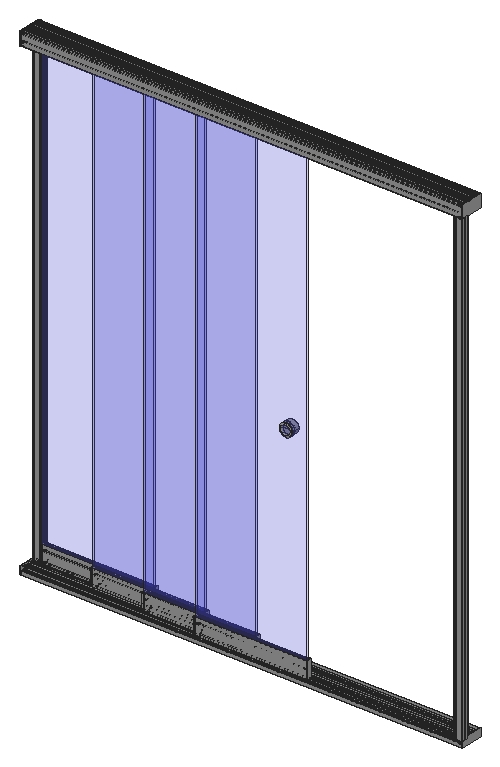
Revit family "SlideTec- 4 Panels)))", category Generic Models, Revit 2018
Family settings
  Can host rebar = No
  Round Connector Dimension = Use Diameter
  Part Type = Normal
  Work Plane-Based = No
  Always vertical = Yes
  Cut with Voids When Loaded = No
  Shared = No
  Room Calculation Point = No
Parameters
  Panel 1 [instance] = if(Sliders Retracting < 0 mm, 0 mm, if(Sliders Retracting > Panel Width - 41.5 mm, Panel Width - 41.5 mm, Sliders Retracting))  # 250 mm
  Panel Width [instance] = (Length Input - 56 mm + Gap * 3) / 4  # 517.125 mm
  Sliders Retracting [instance] = 250 mm
  Panel 3 [instance] = Panel 1 * 3  # 750 mm
  Panel 2 [instance] = Panel 1 * 2  # 500 mm
  Length Input [instance] = if(Length < 2000 mm, 2000 mm, if(Length > 5000 mm, 5000 mm, Length))  # 2000 mm
  Length [instance] = 2000 mm
  Height Input [instance] = if(Height < 1500 mm, 1500 mm, if(Height > 3000 mm, 3000 mm, Height))  # 2200 mm
  Height [instance] = 2200 mm
  Glass [instance] = Glass
  Gap [instance] = 41.5 mm  # constant formula
  Framing [instance] = Aluminium
Reference planes
  plane 1 "Center (Front/Back)": y = 0
  plane 2: z = 0
  plane 3 "Center (Left/Right)": x = 498.5
  plane 4: x = -501.5
  plane 5: x = 1498.5
  plane 6: z = 2200
  plane 7: z = 2145
  plane 8: x = -467.5
  plane 9: z = 2180
Dimensions and locks
  equal spacing: plane 4, plane 3 "Center (Left/Right)", plane 5
  locked: plane 6 to plane 7 at 55
  "Length Input": plane 4 to plane 5
  "Panel 1": plane 8 to nested 7
  "Panel 2": plane 8 to nested 8
  "Panel 3": plane 8 to nested 6
  "Height Input": plane 6 to level
  locked: plane 6 to plane 9 at 20
  aligned and locked: level to plane 2
  aligned and locked: nested 1 to plane 4
  aligned and locked: plane 6 to nested 3
  aligned and locked: plane 7 to nested 2
  aligned and locked: plane 5 to nested 4
  aligned and locked: nested 5 to plane 8
  aligned and locked: plane 4 to nested 3
  aligned and locked: plane 7 to nested 4
  aligned and locked: plane 9 to nested 5
  aligned and locked: plane 9 to nested 7
  aligned and locked: plane 9 to nested 8
  aligned and locked: plane 9 to nested 6
Nested families
  nested 1: "Base Track" at (-46.328, 0, 0), type "Base Track"
    with Length 2000 mm
  nested 2: "Side Channel" at (-501.5, 34.5, 24.002) x (0, -1, 0) z (0, 0, 1), type "Side Channel"
    with Height 2120.998 mm
  nested 3: "Head Guide" at (-117.423, 0, 2140), type "Head Guide"
    with Width 2000 mm
  nested 4: "Side Channel" at (1498.5, -34.5, 24.002) x (0, 1, 0) z (0, 0, 1), type "Side Channel"
    with Height 2120.998 mm
  nested 5: "Panel 1" at (-214.937, 34.5, 20.362), type "Panel 1"
    with Height 2159.638 mm, Width 517.125 mm
  nested 6: "Panel 1 & 2 " at (535.063, -34.483, 20.362) x (-1, 0, 0) z (0, 0, 1), type "Panel 1 & 2 "
    with Height 2159.638 mm, Handle 979.819 mm, Width 517.125 mm
  nested 7: "Panel 2" at (35.063, 11.5, 20.362), type "Panel 2"
    with Height 2159.638 mm, Width 517.125 mm
  nested 8: "Panel 2" at (285.063, -11.5, 20.362), type "Panel 2"
    with Height 2159.638 mm, Width 517.125 mm
Definition of nested family "Base Track"
  Parameters (values of type "Base Track")
    Length = 3000 mm
    Framing = none
  Reference planes
    plane 1 "Center (Front/Back)": y = 0
    plane 2: z = 0
    plane 3 "Center (Left/Right)": x = 1046.328
    plane 4: x = -452.172
    plane 5: x = 2541.828
    plane 6: x = -455.172
    plane 7: x = 2544.828
  Forms (mm)
    Extrusion 1, solid, material <- "Framing"
      sketch origin (0, 0, 0) x (0, -1, 0) y (0, 0, -1)
        loop
          arc (12.999, -17.252) -> (11.447, -15.806) -> (10.001, -17.357) r 1.5
          line (10.001, -17.357) -> (-33.001, -18.859)
          arc (-33.001, -18.859) -> (-34.553, -17.412) -> (-35.999, -18.964) r 1.5
          line (-35.999, -18.964) -> (-48.993, -19.417) -> (-48.993, -20.618) -> (-46.666, -20.537) -> (-45.793, -20.706) -> (-36.518, -20.382)
          arc (-36.518, -20.382) -> (-36.153, -20.523) -> (-36, -20.882) r 0.5
          line (-36, -20.882) -> (-36, -26.998)
          arc (-36, -26.998) -> (-36.147, -27.352) -> (-36.5, -27.498) r 0.5
          line (-36.5, -27.498) -> (-37.4, -27.498) -> (-37.4, -29.217)
          arc (-37.4, -29.217) -> (-34.5, -32.117) -> (-31.6, -29.217) r 2.9
          line (-31.6, -29.217) -> (-31.6, -27.498) -> (-32.5, -27.498)
          arc (-32.5, -27.498) -> (-32.854, -27.351) -> (-33, -26.998) r 0.5
          line (-33, -26.998) -> (-33, -20.26) -> (-13.518, -19.579)
          arc (-13.518, -19.579) -> (-13.153, -19.719) -> (-13, -20.079) r 0.5
          line (-13, -20.079) -> (-13, -26.998)
          arc (-13, -26.998) -> (-13.147, -27.352) -> (-13.5, -27.498) r 0.5
          line (-13.5, -27.498) -> (-14.4, -27.498) -> (-14.4, -29.217)
          arc (-14.4, -29.217) -> (-11.5, -32.117) -> (-8.6, -29.217) r 2.9
          line (-8.6, -29.217) -> (-8.6, -27.498) -> (-9.5, -27.498)
          arc (-9.5, -27.498) -> (-9.854, -27.351) -> (-10, -26.998) r 0.5
          line (-10, -26.998) -> (-10, -19.456) -> (9.482, -18.776)
          arc (9.482, -18.776) -> (9.847, -18.916) -> (10, -19.276) r 0.5
          line (10, -19.276) -> (10, -26.998)
          arc (10, -26.998) -> (9.853, -27.352) -> (9.5, -27.498) r 0.5
          line (9.5, -27.498) -> (8.6, -27.498) -> (8.6, -29.217)
          arc (8.6, -29.217) -> (11.5, -32.117) -> (14.4, -29.217) r 2.9
          line (14.4, -29.217) -> (14.4, -27.498) -> (13.5, -27.498)
          arc (13.5, -27.498) -> (13.146, -27.351) -> (13, -26.998) r 0.5
          line (13, -26.998) -> (13, -18.653) -> (32.482, -17.973)
          arc (32.482, -17.973) -> (32.847, -18.113) -> (33, -18.473) r 0.5
          line (33, -18.473) -> (33, -26.998)
          arc (33, -26.998) -> (32.853, -27.352) -> (32.5, -27.498) r 0.5
          line (32.5, -27.498) -> (31.6, -27.498) -> (31.6, -29.217)
          arc (31.6, -29.217) -> (34.5, -32.117) -> (37.4, -29.217) r 2.9
          line (37.4, -29.217) -> (37.4, -27.498) -> (36.5, -27.498)
          arc (36.5, -27.498) -> (36.146, -27.351) -> (36, -26.998) r 0.5
          line (36, -26.998) -> (36, -17.85) -> (45.56, -17.516)
          arc (45.56, -17.516) -> (45.908, -17.358) -> (46.042, -16.999) r 0.5
          line (46.042, -16.999) -> (46.042, -16.099) -> (12.999, -17.252)
        loop
          arc (8.437, -15.411) -> (9.346, -14.346) -> (10.6, -13.722) r 3.5
          line (10.6, -13.722) -> (10.6, -1.8) -> (-10.6, -1.8) -> (-10.6, -16.075) -> (8.437, -15.411)
        loop
          arc (-29.357, -13.359) -> (-31.036, -14.23) -> (-32.921, -14.069) r 3.4
          arc (-32.921, -14.069) -> (-33.383, -14.123) -> (-33.6, -14.535) r 0.5
          arc (-33.6, -14.535) -> (-33.548, -14.975) -> (-33.395, -15.39) r 1.884
          arc (-33.395, -15.39) -> (-32.358, -15.943) -> (-31.563, -16.808) r 3.5
          line (-31.563, -16.808) -> (-12.4, -16.138) -> (-12.4, -1.8) -> (-33.6, -1.8) -> (-33.6, -7.255)
          arc (-33.6, -7.255) -> (-33.383, -7.667) -> (-32.921, -7.722) r 0.5
          arc (-32.921, -7.722) -> (-31.036, -7.561) -> (-29.357, -8.431) r 3.4
          arc (-29.357, -8.431) -> (-29.33, -9.492) -> (-30.391, -9.518) r 0.75
          arc (-30.391, -9.518) -> (-33.6, -10.895) -> (-30.391, -12.272) r 1.9
          arc (-30.391, -12.272) -> (-29.33, -12.299) -> (-29.357, -13.359) r 0.75
        loop
          line (33.6, -7.255) -> (33.6, -1.8) -> (12.4, -1.8) -> (12.4, -13.723)
          arc (12.4, -13.723) -> (13.556, -14.272) -> (14.437, -15.201) r 3.5
          line (14.437, -15.201) -> (28.358, -14.715)
          arc (28.358, -14.715) -> (29.236, -14.123) -> (29.09, -13.075) r 1
          arc (29.09, -13.075) -> (28.519, -12.094) -> (28.301, -10.981) r 3.4
          arc (28.301, -10.981) -> (29.032, -10.212) -> (29.801, -10.943) r 0.75
          arc (29.801, -10.943) -> (33.044, -12.239) -> (31.748, -8.996) r 1.9
          arc (31.748, -8.996) -> (31.017, -8.227) -> (31.785, -7.496) r 0.75
          arc (31.785, -7.496) -> (32.363, -7.56) -> (32.921, -7.722) r 3.4
          arc (32.921, -7.722) -> (33.383, -7.667) -> (33.6, -7.255) r 0.5
        loop
          line (-37.563, -17.017) -> (-49.2, -17.423) -> (-49.2, -2.1) -> (-48.701, -1.4) -> (-48.701, 0) -> (-51, 0) -> (-51, -34.1)
          arc (-51, -34.1) -> (-50.1, -35) -> (-49.2, -34.1) r 0.9
          line (-49.2, -34.1) -> (-49.2, -22.139) -> (-47.544, -21.698) -> (-47.544, -20.868) -> (-49.193, -20.925) -> (-49.193, -19.224) -> (-46.443, -19.128) -> (-36.199, -18.771)
          arc (-36.199, -18.771) -> (-34.56, -17.012) -> (-32.801, -18.652) r 1.7
          line (-32.801, -18.652) -> (9.801, -17.164)
          arc (9.801, -17.164) -> (11.44, -15.406) -> (13.199, -17.045) r 1.7
          line (13.199, -17.045) -> (50.03, -15.759)
          arc (50.03, -15.759) -> (50.718, -15.456) -> (51, -14.76) r 1
          line (51, -14.76) -> (51, 0) -> (48.7, 0) -> (48.7, -1.4) -> (49.2, -2.1) -> (49.2, -13.987) -> (37.602, -14.392) -> (35.4, -14.469) -> (35.4, 0) -> (-35.4, 0) -> (-35.4, -15.329)
          arc (-35.4, -15.329) -> (-36.654, -15.952) -> (-37.563, -17.017) r 3.5
      from -452.172 to 2541.828
    Extrusion 2, solid, material <- "Framing"
      sketch origin (-272.837, 2.406, 17.302) x (0, -1, 0) y (0, 0, 1)
        loop
          line (53.406, -17.302) -> (53.406, 16.798)
          arc (53.406, 16.798) -> (53.143, 17.434) -> (52.506, 17.698) r 0.9
          line (52.506, 17.698) -> (-18.594, 17.698) -> (-18.594, 6.7) -> (-45.594, 6.7) -> (-45.594, 17.185)
          arc (-45.594, 17.185) -> (-45.744, 17.548) -> (-46.106, 17.698) r 0.512
          line (-46.106, 17.698) -> (-47.654, 17.698)
          arc (-47.654, 17.698) -> (-48.319, 17.423) -> (-48.594, 16.758) r 0.94
          line (-48.594, 16.758) -> (-48.594, -17.302) -> (53.406, -17.302)
      from 182.334 to 179.334
    Extrusion 3, void
      sketch origin (-452.172, 0, 0) x (0, -1, 0) y (0, 0, -1)
        loop
          line (-40.113, -24.002) -> (-40.113, -32.357) -> (-30.113, -32.357) -> (-30.113, -24.002) -> (-40.113, -24.002)
      from 0 to 7
    Extrusion 4, solid, material <- "Framing"
      sketch origin (272.837, -2.406, 17.302) x (0, 1, 0) y (0, 0, 1)
        loop
          line (53.406, -17.302) -> (53.406, 16.798)
          arc (53.406, 16.798) -> (53.143, 17.434) -> (52.506, 17.698) r 0.9
          line (52.506, 17.698) -> (-18.594, 17.698) -> (-18.594, 6.7) -> (-45.594, 6.7) -> (-45.594, 17.185)
          arc (-45.594, 17.185) -> (-45.744, 17.548) -> (-46.106, 17.698) r 0.512
          line (-46.106, 17.698) -> (-47.654, 17.698)
          arc (-47.654, 17.698) -> (-48.319, 17.423) -> (-48.594, 16.758) r 0.94
          line (-48.594, 16.758) -> (-48.594, -17.302) -> (53.406, -17.302)
      from 2271.991 to 2268.991
    Extrusion 5, void
      sketch origin (2541.828, 0, 0) x (0, 1, 0) y (0, 0, -1)
        loop
          line (-41.042, -24.002) -> (-41.042, -32.357) -> (-30.113, -32.357) -> (-30.113, -24.002) -> (-41.042, -24.002)
      from 0 to 7
  Cuts and joins
    Extrusion 3, Extrusion 5 cuts Extrusion 1
  Dimensions and locks
    locked: plane 6 to plane 4 at 3
    locked: plane 5 to plane 7 at 3
    equal spacing: plane 4, plane 3 "Center (Left/Right)", plane 7
    "Length": plane 6 to plane 7
    aligned and locked: level to plane 2
    aligned and locked: cut or joined group of Extrusion 1, Extrusion 3, Extrusion 5 to plane 4
    aligned and locked: cut or joined group of Extrusion 1, Extrusion 3, Extrusion 5 to plane 5
    aligned and locked: plane 4 to Extrusion 2
    aligned and locked: Extrusion 2 to plane 6
    aligned and locked: Extrusion 4 to plane 7
    aligned and locked: plane 5 to Extrusion 4
  Automatic sketch dimensions
    Extrusion 1 sketch curve to Extrusion 1 sketch curve = 0 mm  (x39)
    Extrusion 1 sketch curve to level = 0 mm  (x3)
    Extrusion 1 sketch curve to plane 1 "Center (Front/Back)" = 51 mm
    Extrusion 1 sketch curve to Extrusion 1 sketch curve = 0.9 mm  (x5)
    Extrusion 1 sketch curve to Extrusion 1 sketch curve = 1.8 mm  (x4)
    Extrusion 1 sketch curve to Extrusion 1 sketch curve = 0.007 mm
    level to Extrusion 1 sketch curve = 19.417 mm
    Extrusion 1 sketch curve to Extrusion 1 sketch curve = 0.2 mm  (x6)
    level to Extrusion 1 sketch curve = 1.4 mm
    Extrusion 1 sketch curve to Extrusion 1 sketch curve = 0.499 mm
    level to Extrusion 1 sketch curve = 21.698 mm
    Extrusion 1 sketch curve to Extrusion 1 sketch curve = 1.656 mm
    level to Extrusion 1 sketch curve = 20.537 mm
    Extrusion 1 sketch curve to Extrusion 1 sketch curve = 0.877 mm
    level to Extrusion 1 sketch curve = 19.128 mm
    Extrusion 1 sketch curve to Extrusion 1 sketch curve = 0.224 mm
    level to Extrusion 1 sketch curve = 20.706 mm
    Extrusion 1 sketch curve to Extrusion 1 sketch curve = 0.873 mm
    level to Extrusion 1 sketch curve = 17.017 mm
    Extrusion 1 sketch curve to Extrusion 1 sketch curve = 8.23 mm
    Extrusion 1 sketch curve to Extrusion 1 sketch curve = 0.163 mm
    level to Extrusion 1 sketch curve = 20.382 mm
    Extrusion 1 sketch curve to Extrusion 1 sketch curve = 1.045 mm  (x2)
    Extrusion 1 sketch curve to Extrusion 1 sketch curve = 0.017 mm  (x5)
    level to Extrusion 1 sketch curve = 18.771 mm
    Extrusion 1 sketch curve to Extrusion 1 sketch curve = 0.318 mm  (x2)
    Extrusion 1 sketch curve to Extrusion 1 sketch curve = 0.5 mm  (x14)
    Extrusion 1 sketch curve to Extrusion 1 sketch curve = 13.301 mm
    Extrusion 1 sketch curve to Extrusion 1 sketch curve = 1.499 mm  (x4)
    Extrusion 1 sketch curve to Extrusion 1 sketch curve = 2 mm  (x4)
    Extrusion 1 sketch curve to Extrusion 1 sketch curve = 2.3 mm  (x2)
    level to Extrusion 1 sketch curve = 18.859 mm
    Extrusion 1 sketch curve to Extrusion 1 sketch curve = 1.4 mm  (x3)
    level to Extrusion 1 sketch curve = 18.652 mm
    Extrusion 1 sketch curve to Extrusion 1 sketch curve = 1.384 mm
    Extrusion 1 sketch curve to Extrusion 1 sketch curve = 0.016 mm
    Extrusion 1 sketch curve to Extrusion 1 sketch curve = 1.238 mm  (x2)
    Extrusion 1 sketch curve to Extrusion 1 sketch curve = 1.842 mm
    Extrusion 1 sketch curve to Extrusion 1 sketch curve = 1.826 mm
    Extrusion 1 sketch curve to plane 1 "Center (Front/Back)" = 14.4 mm
    Extrusion 1 sketch curve to Extrusion 1 sketch curve = 0.883 mm
    level to Extrusion 1 sketch curve = 1.8 mm  (x2)
    Extrusion 1 sketch curve to plane 1 "Center (Front/Back)" = 12.4 mm
    plane 1 "Center (Front/Back)" to Extrusion 1 sketch curve = 8.437 mm
    plane 1 "Center (Front/Back)" to Extrusion 1 sketch curve = 8.6 mm
    Extrusion 1 sketch curve to Extrusion 1 sketch curve = 2.163 mm
    Extrusion 1 sketch curve to Extrusion 1 sketch curve = 13.886 mm
    Extrusion 1 sketch curve to Extrusion 1 sketch curve = 0.035 mm
    Extrusion 1 sketch curve to Extrusion 1 sketch curve = 0.728 mm
    Extrusion 1 sketch curve to Extrusion 1 sketch curve = 3.242 mm
    Extrusion 1 sketch curve to Extrusion 1 sketch curve = 2.649 mm  (x2)
    Extrusion 1 sketch curve to Extrusion 1 sketch curve = 0.067 mm  (x2)
    Extrusion 1 sketch curve to Extrusion 1 sketch curve = 4.124 mm
    Extrusion 1 sketch curve to Extrusion 1 sketch curve = 1.333 mm
    level to Extrusion 1 sketch curve = 14.469 mm
    Extrusion 1 sketch curve to Extrusion 1 sketch curve = 2.918 mm
    Extrusion 1 sketch curve to Extrusion 1 sketch curve = 3 mm
    level to Extrusion 1 sketch curve = 14.392 mm
    Extrusion 1 sketch curve to Extrusion 1 sketch curve = 2.202 mm
    Extrusion 1 sketch curve to Extrusion 1 sketch curve = 7.94 mm
    level to Extrusion 1 sketch curve = 17.516 mm
    level to Extrusion 1 sketch curve = 16.099 mm
    Extrusion 1 sketch curve to Extrusion 1 sketch curve = 13.3 mm
    level to Extrusion 1 sketch curve = 13.987 mm
    Extrusion 1 sketch curve to Extrusion 1 sketch curve = 3.158 mm
    Extrusion 1 sketch curve to Extrusion 1 sketch curve = 0.8 mm
    level to Extrusion 1 sketch curve = 15.759 mm
    Extrusion 1 sketch curve to Extrusion 1 sketch curve = 0.03 mm
    Extrusion 1 sketch curve to Extrusion 1 sketch curve = 0.441 mm
    Extrusion 1 sketch curve to Extrusion 1 sketch curve = 25.198 mm
    Extrusion 1 sketch curve to Extrusion 1 sketch curve = 6.116 mm
    Extrusion 1 sketch curve to Extrusion 1 sketch curve = 12.529 mm
    Extrusion 1 sketch curve to Extrusion 1 sketch curve = 1.719 mm  (x2)
    Extrusion 1 sketch curve to Extrusion 1 sketch curve = 1.72 mm  (x4)
    Extrusion 1 sketch curve to Extrusion 1 sketch curve = 11.961 mm
    Extrusion 1 sketch curve to Extrusion 1 sketch curve = 1.214 mm
    Extrusion 1 sketch curve to Extrusion 1 sketch curve = 0.83 mm
    Extrusion 1 sketch curve to Extrusion 1 sketch curve = 0.307 mm
    Extrusion 1 sketch curve to Extrusion 1 sketch curve = 1.401 mm
    Extrusion 1 sketch curve to Extrusion 1 sketch curve = 6.919 mm
    Extrusion 1 sketch curve to Extrusion 1 sketch curve = 0.623 mm  (x3)
    Extrusion 1 sketch curve to Extrusion 1 sketch curve = 7.722 mm
    Extrusion 1 sketch curve to Extrusion 1 sketch curve = 0.193 mm  (x3)
    Extrusion 1 sketch curve to Extrusion 1 sketch curve = 4.004 mm
    Extrusion 1 sketch curve to Extrusion 1 sketch curve = 1.801 mm
    Extrusion 1 sketch curve to Extrusion 1 sketch curve = 1.419 mm
    Extrusion 1 sketch curve to Extrusion 1 sketch curve = 0.052 mm
    Extrusion 1 sketch curve to Extrusion 1 sketch curve = 1.844 mm  (x2)
    Extrusion 1 sketch curve to Extrusion 1 sketch curve = 3.441 mm
    Extrusion 1 sketch curve to Extrusion 1 sketch curve = 0.063 mm
    Extrusion 1 sketch curve to Extrusion 1 sketch curve = 1.753 mm
    Extrusion 1 sketch curve to Extrusion 1 sketch curve = 3.258 mm
    Extrusion 1 sketch curve to Extrusion 1 sketch curve = 0.794 mm
    Extrusion 1 sketch curve to Extrusion 1 sketch curve = 0.999 mm
    Extrusion 1 sketch curve to Extrusion 1 sketch curve = 2.754 mm
    Extrusion 1 sketch curve to Extrusion 1 sketch curve = 1.92 mm  (x2)
    Extrusion 1 sketch curve to Extrusion 1 sketch curve = 0.991 mm
    level to Extrusion 1 sketch curve = 2.1 mm
    Extrusion 1 sketch curve to Extrusion 1 sketch curve = 0.7 mm  (x2)
    Extrusion 1 sketch curve to Extrusion 1 sketch curve = 0.517 mm  (x2)
    Extrusion 1 sketch curve to Extrusion 1 sketch curve = 0.75 mm
    Extrusion 2 sketch curve to level = 0 mm
    Extrusion 2 sketch curve to plane 1 "Center (Front/Back)" = 51 mm
    Extrusion 2 sketch curve to Extrusion 2 sketch curve = 0.94 mm
    Extrusion 2 sketch curve to Extrusion 2 sketch curve = 1.548 mm
    Extrusion 2 sketch curve to Extrusion 2 sketch curve = 0.512 mm
    Extrusion 2 sketch curve to plane 1 "Center (Front/Back)" = 21.001 mm
    plane 1 "Center (Front/Back)" to Extrusion 2 sketch curve = 50.1 mm
    Extrusion 2 sketch curve to Extrusion 2 sketch curve = 0.9 mm
    level to Extrusion 2 sketch curve = 24.002 mm
    Extrusion 2 sketch curve to Extrusion 2 sketch curve = 10.058 mm
    level to Extrusion 2 sketch curve = 34.1 mm
    Extrusion 4 sketch curve to level = 0 mm
    plane 1 "Center (Front/Back)" to Extrusion 4 sketch curve = 51 mm
    Extrusion 4 sketch curve to Extrusion 4 sketch curve = 0.94 mm
    Extrusion 4 sketch curve to Extrusion 4 sketch curve = 1.548 mm
    Extrusion 4 sketch curve to Extrusion 4 sketch curve = 0.512 mm
    plane 1 "Center (Front/Back)" to Extrusion 4 sketch curve = 21.001 mm
    Extrusion 4 sketch curve to plane 1 "Center (Front/Back)" = 50.1 mm
    Extrusion 4 sketch curve to Extrusion 4 sketch curve = 0.9 mm
    level to Extrusion 4 sketch curve = 24.002 mm
    Extrusion 4 sketch curve to Extrusion 4 sketch curve = 10.058 mm
    level to Extrusion 4 sketch curve = 34.1 mm
    Extrusion 3 sketch curve to Extrusion 1 = 2.713 mm
    Extrusion 3 sketch curve to Extrusion 1 = 1.487 mm
    Extrusion 1 to Extrusion 3 sketch curve = 4.858 mm
    Extrusion 3 sketch curve to Extrusion 1 = 3.496 mm
    Extrusion 1 to Extrusion 5 sketch curve = 1.486 mm
    Extrusion 1 to Extrusion 5 sketch curve = 3.642 mm
    Extrusion 5 sketch curve to Extrusion 1 = 4.858 mm
    Extrusion 1 to Extrusion 5 sketch curve = 3.496 mm
Definition of nested family "Side Channel"
  Parameters (values of type "Side Channel")
    Height [instance] = 326.66 mm
    Framing = none
  Reference planes
    plane 1 "Center (Front/Back)": y = 0
    plane 2: z = 0
    plane 3 "Center (Left/Right)": x = 0
    plane 4: z = 326.66
  Forms (mm)
    Extrusion 1, solid, material <- "Framing"
      sketch origin (41.374, 114.075, 0) x (0, 1, 0) y (-1, 0, 0)
        loop
          arc (-74.577, 26.665) -> (-74.222, 26.811) -> (-74.075, 27.165) r 0.5
          line (-74.075, 27.165) -> (-74.075, 28.965)
          arc (-74.075, 28.965) -> (-74.888, 30.101) -> (-76.225, 29.698) r 1.2
          line (-76.225, 29.698) -> (-76.225, 28.865) -> (-75.175, 28.865) -> (-75.175, 27.765) -> (-80.475, 27.765) -> (-80.475, 28.865) -> (-79.425, 28.865) -> (-79.425, 29.812)
          arc (-79.425, 29.812) -> (-80.467, 30.15) -> (-81.349, 29.501) r 1.2
          line (-81.349, 29.501) -> (-81.349, 28.665) -> (-103.075, 28.665) -> (-103.075, 30.015) -> (-104.075, 30.015) -> (-104.075, 52.515) -> (-103.075, 52.515) -> (-103.075, 53.865) -> (-81.349, 53.865) -> (-81.349, 53.029)
          arc (-81.349, 53.029) -> (-80.467, 52.38) -> (-79.425, 52.718) r 1.2
          line (-79.425, 52.718) -> (-79.425, 53.665) -> (-80.475, 53.665) -> (-80.475, 54.765) -> (-75.175, 54.765) -> (-75.175, 53.665) -> (-76.225, 53.665) -> (-76.225, 52.832)
          arc (-76.225, 52.832) -> (-74.888, 52.429) -> (-74.075, 53.565) r 1.2
          line (-74.075, 53.565) -> (-74.075, 55.365)
          arc (-74.075, 55.365) -> (-74.221, 55.719) -> (-74.575, 55.865) r 0.5
          line (-74.575, 55.865) -> (-110.875, 55.865) -> (-110.875, 54.565) -> (-114.075, 54.565) -> (-114.075, 51.065) -> (-112.475, 51.065) -> (-112.475, 52.965) -> (-109.575, 52.965) -> (-109.575, 53.865) -> (-106.575, 53.865) -> (-106.575, 46.065) -> (-114.075, 46.065) -> (-114.075, 44.265) -> (-106.575, 44.265) -> (-106.575, 38.265) -> (-114.075, 38.265) -> (-114.075, 36.465) -> (-106.575, 36.465) -> (-106.575, 28.665) -> (-109.575, 28.665) -> (-109.575, 29.565) -> (-112.475, 29.565) -> (-112.475, 31.465) -> (-114.075, 31.465) -> (-114.075, 27.965) -> (-110.875, 27.965) -> (-110.875, 26.665) -> (-74.577, 26.665)
      from 0 to 326.66
  Dimensions and locks
    "Height": plane 4 to plane 2
    aligned and locked: level to plane 2
    aligned and locked: plane 4 to Extrusion 1
  Automatic sketch dimensions
    plane 1 "Center (Front/Back)" to Extrusion 1 sketch curve = 0 mm  (x4)
    Extrusion 1 sketch curve to Extrusion 1 sketch curve = 1.6 mm
    Extrusion 1 sketch curve to plane 1 "Center (Front/Back)" = 1.6 mm
    Extrusion 1 sketch curve to plane 1 "Center (Front/Back)" = 3.2 mm  (x2)
    Extrusion 1 sketch curve to Extrusion 1 sketch curve = 1.3 mm  (x3)
    Extrusion 1 sketch curve to Extrusion 1 sketch curve = 3 mm
    Extrusion 1 sketch curve to Extrusion 1 sketch curve = 0 mm  (x3)
    Extrusion 1 sketch curve to Extrusion 1 sketch curve = 2.5 mm
    Extrusion 1 sketch curve to Extrusion 1 sketch curve = 1 mm  (x2)
    Extrusion 1 sketch curve to Extrusion 1 sketch curve = 21.726 mm  (x2)
    Extrusion 1 sketch curve to Extrusion 1 sketch curve = 0.874 mm  (x2)
    Extrusion 1 sketch curve to Extrusion 1 sketch curve = 0.2 mm  (x3)
    Extrusion 1 sketch curve to Extrusion 1 sketch curve = 0.85 mm  (x2)
    Extrusion 1 sketch curve to Extrusion 1 sketch curve = 3.2 mm  (x2)
    Extrusion 1 sketch curve to Extrusion 1 sketch curve = 0.95 mm  (x2)
    Extrusion 1 sketch curve to Extrusion 1 sketch curve = 0.1 mm  (x6)
    Extrusion 1 sketch curve to Extrusion 1 sketch curve = 0.598 mm
    Extrusion 1 sketch curve to Extrusion 1 sketch curve = 0.6 mm  (x3)
    Extrusion 1 sketch curve to Extrusion 1 sketch curve = 0.002 mm
    Extrusion 1 sketch curve to Extrusion 1 sketch curve = 0.5 mm
    Extrusion 1 sketch curve to Extrusion 1 sketch curve = 1.1 mm  (x3)
    plane 3 "Center (Left/Right)" to Extrusion 1 sketch curve = 14.709 mm
    Extrusion 1 sketch curve to Extrusion 1 sketch curve = 0.9 mm  (x3)
    Extrusion 1 sketch curve to Extrusion 1 sketch curve = 0.836 mm
    Extrusion 1 sketch curve to Extrusion 1 sketch curve = 1.35 mm  (x2)
    Extrusion 1 sketch curve to Extrusion 1 sketch curve = 1.9 mm  (x2)
    plane 3 "Center (Left/Right)" to Extrusion 1 sketch curve = 4.909 mm
    Extrusion 1 sketch curve to Extrusion 1 sketch curve = 1.8 mm  (x2)
    Extrusion 1 sketch curve to plane 3 "Center (Left/Right)" = 2.891 mm
    Extrusion 1 sketch curve to Extrusion 1 sketch curve = 5 mm
    Extrusion 1 sketch curve to Extrusion 1 sketch curve = 6.45 mm
    Extrusion 1 sketch curve to plane 3 "Center (Left/Right)" = 11.344 mm
    Extrusion 1 sketch curve to Extrusion 1 sketch curve = 0.114 mm
    Extrusion 1 sketch curve to Extrusion 1 sketch curve = 0.311 mm
    Extrusion 1 sketch curve to Extrusion 1 sketch curve = 0.7 mm
Definition of nested family "Head Guide"
  Parameters (values of type "Head Guide")
    Width = 3000 mm
    Framing = none
  Reference planes
    plane 1 "Center (Front/Back)": y = 0
    plane 2: z = 0
    plane 3 "Center (Left/Right)": x = 1115.923
    plane 4: x = -381.077
    plane 5: x = 2612.923
    plane 6: x = -384.077
    plane 7: x = 2615.923
  Forms (mm)
    Extrusion 1, solid, material <- "Framing"
      sketch origin (0, 0, 5) x (0, 1, 0) y (0, 0, 1)
        loop
          arc (27.3, 47.95) -> (25.815, 47.335) -> (25.2, 45.85) r 2.1
          line (25.2, 45.85) -> (25.2, 44.65) -> (20.8, 44.65) -> (20.8, 45.85)
          arc (20.8, 45.85) -> (20.185, 47.335) -> (18.7, 47.95) r 2.1
          line (18.7, 47.95) -> (17.5, 47.95)
          arc (17.5, 47.95) -> (17.146, 48.096) -> (17, 48.45) r 0.5
          line (17, 48.45) -> (17, 53.2) -> (18, 53.2)
          arc (18, 53.2) -> (18.354, 53.346) -> (18.5, 53.7) r 0.5
          line (18.5, 53.7) -> (18.5, 54.5)
          arc (18.5, 54.5) -> (18.354, 54.854) -> (18, 55) r 0.5
          line (18, 55) -> (15.5, 55)
          arc (15.5, 55) -> (15.146, 54.854) -> (15, 54.5) r 0.5
          line (15, 54.5) -> (15, 49.15)
          arc (15, 49.15) -> (14.854, 48.796) -> (14.5, 48.65) r 0.5
          line (14.5, 48.65) -> (8.5, 48.65)
          arc (8.5, 48.65) -> (8.146, 48.796) -> (8, 49.15) r 0.5
          line (8, 49.15) -> (8, 54.5)
          arc (8, 54.5) -> (7.854, 54.854) -> (7.5, 55) r 0.5
          line (7.5, 55) -> (5, 55)
          arc (5, 55) -> (4.646, 54.854) -> (4.5, 54.5) r 0.5
          line (4.5, 54.5) -> (4.5, 53.7)
          arc (4.5, 53.7) -> (4.646, 53.346) -> (5, 53.2) r 0.5
          line (5, 53.2) -> (6, 53.2) -> (6, 48.45)
          arc (6, 48.45) -> (5.854, 48.096) -> (5.5, 47.95) r 0.5
          line (5.5, 47.95) -> (4.3, 47.95)
          arc (4.3, 47.95) -> (2.815, 47.335) -> (2.2, 45.85) r 2.1
          line (2.2, 45.85) -> (2.2, 44.65) -> (-2.2, 44.65) -> (-2.2, 45.85)
          arc (-2.2, 45.85) -> (-2.815, 47.335) -> (-4.3, 47.95) r 2.1
          line (-4.3, 47.95) -> (-5.5, 47.95)
          arc (-5.5, 47.95) -> (-5.854, 48.096) -> (-6, 48.45) r 0.5
          line (-6, 48.45) -> (-6, 53.2) -> (-5, 53.2)
          arc (-5, 53.2) -> (-4.646, 53.346) -> (-4.5, 53.7) r 0.5
          line (-4.5, 53.7) -> (-4.5, 54.5)
          arc (-4.5, 54.5) -> (-4.646, 54.854) -> (-5, 55) r 0.5
          line (-5, 55) -> (-7.5, 55)
          arc (-7.5, 55) -> (-7.854, 54.854) -> (-8, 54.5) r 0.5
          line (-8, 54.5) -> (-8, 49.15)
          arc (-8, 49.15) -> (-8.146, 48.796) -> (-8.5, 48.65) r 0.5
          line (-8.5, 48.65) -> (-14.5, 48.65)
          arc (-14.5, 48.65) -> (-14.854, 48.796) -> (-15, 49.15) r 0.5
          line (-15, 49.15) -> (-15, 54.5)
          arc (-15, 54.5) -> (-15.146, 54.854) -> (-15.5, 55) r 0.5
          line (-15.5, 55) -> (-18, 55)
          arc (-18, 55) -> (-18.354, 54.854) -> (-18.5, 54.5) r 0.5
          line (-18.5, 54.5) -> (-18.5, 53.7)
          arc (-18.5, 53.7) -> (-18.354, 53.346) -> (-18, 53.2) r 0.5
          line (-18, 53.2) -> (-17, 53.2) -> (-17, 48.45)
          arc (-17, 48.45) -> (-17.146, 48.096) -> (-17.5, 47.95) r 0.5
          line (-17.5, 47.95) -> (-18.7, 47.95)
          arc (-18.7, 47.95) -> (-20.185, 47.335) -> (-20.8, 45.85) r 2.1
          line (-20.8, 45.85) -> (-20.8, 44.65) -> (-25.2, 44.65) -> (-25.2, 45.85)
          arc (-25.2, 45.85) -> (-25.815, 47.335) -> (-27.3, 47.95) r 2.1
          line (-27.3, 47.95) -> (-28.5, 47.95)
          arc (-28.5, 47.95) -> (-28.854, 48.096) -> (-29, 48.45) r 0.5
          line (-29, 48.45) -> (-29, 53.2) -> (-28, 53.2)
          arc (-28, 53.2) -> (-27.646, 53.346) -> (-27.5, 53.7) r 0.5
          line (-27.5, 53.7) -> (-27.5, 54.5)
          arc (-27.5, 54.5) -> (-27.646, 54.854) -> (-28, 55) r 0.5
          line (-28, 55) -> (-30.5, 55)
          arc (-30.5, 55) -> (-30.854, 54.854) -> (-31, 54.5) r 0.5
          line (-31, 54.5) -> (-31, 49.15)
          arc (-31, 49.15) -> (-31.146, 48.796) -> (-31.5, 48.65) r 0.5
          line (-31.5, 48.65) -> (-37.5, 48.65)
          arc (-37.5, 48.65) -> (-37.854, 48.796) -> (-38, 49.15) r 0.5
          line (-38, 49.15) -> (-38, 54.5)
          arc (-38, 54.5) -> (-38.146, 54.854) -> (-38.5, 55) r 0.5
          line (-38.5, 55) -> (-39.3, 55)
          arc (-39.3, 55) -> (-39.654, 54.854) -> (-39.8, 54.5) r 0.5
          line (-39.8, 54.5) -> (-39.8, 48.45)
          arc (-39.8, 48.45) -> (-39.946, 48.096) -> (-40.3, 47.95) r 0.5
          line (-40.3, 47.95) -> (-48.7, 47.95)
          arc (-48.7, 47.95) -> (-49.054, 48.096) -> (-49.2, 48.45) r 0.5
          line (-49.2, 48.45) -> (-49.2, 53.2) -> (-48, 53.2)
          arc (-48, 53.2) -> (-47.646, 53.346) -> (-47.5, 53.7) r 0.5
          line (-47.5, 53.7) -> (-47.5, 54.5)
          arc (-47.5, 54.5) -> (-47.646, 54.854) -> (-48, 55) r 0.5
          line (-48, 55) -> (-50.5, 55)
          arc (-50.5, 55) -> (-50.854, 54.854) -> (-51, 54.5) r 0.5
          line (-51, 54.5) -> (-51, -4.5)
          arc (-51, -4.5) -> (-50.854, -4.854) -> (-50.5, -5) r 0.5
          line (-50.5, -5) -> (-49.7, -5)
          arc (-49.7, -5) -> (-49.346, -4.854) -> (-49.2, -4.5) r 0.5
          line (-49.2, -4.5) -> (-49.2, 0) -> (-43.25, 0)
          arc (-43.25, 0) -> (-42.896, 0.146) -> (-42.75, 0.5) r 0.5
          line (-42.75, 0.5) -> (-42.75, 2.25) -> (-43.95, 2.25) -> (-43.95, 1.2) -> (-45.35, 1.2) -> (-45.35, 2.25) -> (-48.7, 2.25)
          arc (-48.7, 2.25) -> (-49.054, 2.396) -> (-49.2, 2.75) r 0.5
          line (-49.2, 2.75) -> (-49.2, 4.95)
          arc (-49.2, 4.95) -> (-49.054, 5.304) -> (-48.7, 5.45) r 0.5
          line (-48.7, 5.45) -> (-45.35, 5.45) -> (-45.35, 6.5) -> (-43.774, 6.5) -> (-43.679, 5.692)
          arc (-43.679, 5.692) -> (-43.116, 5.468) -> (-42.75, 5.95) r 0.5
          line (-42.75, 5.95) -> (-42.853, 6.824) -> (-43.952, 8.407)
          arc (-43.952, 8.407) -> (-44.492, 8.726) -> (-45.085, 8.523) r 0.75
          arc (-45.085, 8.523) -> (-48.294, 9.895) -> (-45.092, 11.283) r 1.9
          line (-45.092, 11.283) -> (-44.25, 11.283) -> (-44.25, 12.539)
          arc (-44.25, 12.539) -> (-46.718, 13.285) -> (-49, 12.084) r 3.4
          line (-49, 12.084) -> (-49, 42.066)
          arc (-49, 42.066) -> (-48.258, 41.406) -> (-47.356, 40.989) r 3.4
          arc (-47.356, 40.989) -> (-46.425, 41.496) -> (-46.932, 42.428) r 0.75
          arc (-46.932, 42.428) -> (-47.344, 45.895) -> (-44.547, 43.805) r 1.9
          arc (-44.547, 43.805) -> (-44.366, 43.116) -> (-43.691, 42.89) r 0.75
          line (-43.691, 42.89) -> (-42.896, 43.026) -> (-42, 44.624) -> (-42, 46.15) -> (-27, 46.15) -> (-27, 44.624) -> (-26.004, 42.85) -> (-24, 42.85) -> (-24, 7.7) -> (-26.25, 7.7) -> (-26.25, 5.45) -> (-25.05, 5.45) -> (-25.05, 6.5) -> (-23.85, 6.5) -> (-23.85, 1.2) -> (-25.05, 1.2) -> (-25.05, 2.25) -> (-26.25, 2.25) -> (-26.25, 0.5)
          arc (-26.25, 0.5) -> (-26.104, 0.146) -> (-25.75, 0) r 0.5
          line (-25.75, 0) -> (-20.25, 0)
          arc (-20.25, 0) -> (-19.896, 0.146) -> (-19.75, 0.5) r 0.5
          line (-19.75, 0.5) -> (-19.75, 2.25) -> (-20.95, 2.25) -> (-20.95, 1.2) -> (-22.15, 1.2) -> (-22.15, 6.5) -> (-20.95, 6.5) -> (-20.95, 5.45) -> (-19.75, 5.45) -> (-19.75, 7.7) -> (-22, 7.7) -> (-22, 42.85) -> (-20, 42.85) -> (-19.042, 44.471) -> (-18.991, 46.15) -> (-4, 46.15) -> (-4, 44.624) -> (-3.004, 42.85) -> (-1, 42.85) -> (-1, 7.7) -> (-3.25, 7.7) -> (-3.25, 5.45) -> (-2.05, 5.45) -> (-2.05, 6.5) -> (-0.85, 6.5) -> (-0.85, 1.2) -> (-2.05, 1.2) -> (-2.05, 2.25) -> (-3.25, 2.25) -> (-3.25, 0.5)
          arc (-3.25, 0.5) -> (-3.104, 0.146) -> (-2.75, 0) r 0.5
          line (-2.75, 0) -> (2.75, 0)
          arc (2.75, 0) -> (3.104, 0.146) -> (3.25, 0.5) r 0.5
          line (3.25, 0.5) -> (3.25, 2.25) -> (2.05, 2.25) -> (2.05, 1.2) -> (0.85, 1.2) -> (0.85, 6.5) -> (2.05, 6.5) -> (2.05, 5.45) -> (3.25, 5.45) -> (3.25, 7.7) -> (1, 7.7) -> (1, 42.85) -> (3, 42.85) -> (3.958, 44.471) -> (4.009, 46.15) -> (19, 46.15) -> (19, 44.624) -> (19.996, 42.85) -> (22, 42.85) -> (22, 7.7) -> (19.75, 7.7) -> (19.75, 5.45) -> (20.95, 5.45) -> (20.95, 6.5) -> (22.15, 6.5) -> (22.15, 1.2) -> (20.95, 1.2) -> (20.95, 2.25) -> (19.75, 2.25) -> (19.75, 0.5)
          arc (19.75, 0.5) -> (19.896, 0.146) -> (20.25, 0) r 0.5
          line (20.25, 0) -> (25.75, 0)
          arc (25.75, 0) -> (26.104, 0.146) -> (26.25, 0.5) r 0.5
          line (26.25, 0.5) -> (26.25, 2.25) -> (25.05, 2.25) -> (25.05, 1.2) -> (23.85, 1.2) -> (23.85, 6.5) -> (25.05, 6.5) -> (25.05, 5.45) -> (26.25, 5.45) -> (26.25, 7.7) -> (24, 7.7) -> (24, 42.85) -> (26, 42.85) -> (26.958, 44.471) -> (27.009, 46.15) -> (42, 46.15) -> (42, 44.624) -> (42.896, 43.026) -> (43.691, 42.89)
          arc (43.691, 42.89) -> (44.366, 43.116) -> (44.547, 43.805) r 0.75
          arc (44.547, 43.805) -> (47.344, 45.895) -> (46.932, 42.428) r 1.9
          arc (46.932, 42.428) -> (46.425, 41.496) -> (47.356, 40.989) r 0.75
          arc (47.356, 40.989) -> (48.258, 41.406) -> (49, 42.066) r 3.4
          line (49, 42.066) -> (49, 12.084)
          arc (49, 12.084) -> (46.718, 13.285) -> (44.25, 12.539) r 3.4
          line (44.25, 12.539) -> (44.25, 11.283) -> (45.092, 11.283)
          arc (45.092, 11.283) -> (48.294, 9.895) -> (45.085, 8.523) r 1.9
          arc (45.085, 8.523) -> (44.492, 8.726) -> (43.952, 8.407) r 0.75
          line (43.952, 8.407) -> (42.853, 6.824) -> (42.75, 5.95)
          arc (42.75, 5.95) -> (43.116, 5.468) -> (43.679, 5.692) r 0.5
          line (43.679, 5.692) -> (43.774, 6.5) -> (45.35, 6.5) -> (45.35, 5.45) -> (48.7, 5.45)
          arc (48.7, 5.45) -> (49.054, 5.304) -> (49.2, 4.95) r 0.5
          line (49.2, 4.95) -> (49.2, 2.75)
          arc (49.2, 2.75) -> (49.054, 2.396) -> (48.7, 2.25) r 0.5
          line (48.7, 2.25) -> (45.35, 2.25) -> (45.35, 1.2) -> (43.95, 1.2) -> (43.95, 2.25) -> (42.75, 2.25) -> (42.75, 0.5)
          arc (42.75, 0.5) -> (42.896, 0.146) -> (43.25, 0) r 0.5
          line (43.25, 0) -> (49.2, 0) -> (49.2, -4.5)
          arc (49.2, -4.5) -> (49.346, -4.854) -> (49.7, -5) r 0.5
          line (49.7, -5) -> (50.5, -5)
          arc (50.5, -5) -> (50.854, -4.854) -> (51, -4.5) r 0.5
          line (51, -4.5) -> (51, 54.5)
          arc (51, 54.5) -> (50.854, 54.854) -> (50.5, 55) r 0.5
          line (50.5, 55) -> (48, 55)
          arc (48, 55) -> (47.646, 54.854) -> (47.5, 54.5) r 0.5
          line (47.5, 54.5) -> (47.5, 53.7)
          arc (47.5, 53.7) -> (47.646, 53.346) -> (48, 53.2) r 0.5
          line (48, 53.2) -> (49.2, 53.2) -> (49.2, 48.45)
          arc (49.2, 48.45) -> (49.054, 48.096) -> (48.7, 47.95) r 0.5
          line (48.7, 47.95) -> (40.3, 47.95)
          arc (40.3, 47.95) -> (39.946, 48.096) -> (39.8, 48.45) r 0.5
          line (39.8, 48.45) -> (39.8, 54.5)
          arc (39.8, 54.5) -> (39.654, 54.854) -> (39.3, 55) r 0.5
          line (39.3, 55) -> (38.5, 55)
          arc (38.5, 55) -> (38.146, 54.854) -> (38, 54.5) r 0.5
          line (38, 54.5) -> (38, 49.15)
          arc (38, 49.15) -> (37.854, 48.796) -> (37.5, 48.65) r 0.5
          line (37.5, 48.65) -> (31.5, 48.65)
          arc (31.5, 48.65) -> (31.146, 48.796) -> (31, 49.15) r 0.5
          line (31, 49.15) -> (31, 54.5)
          arc (31, 54.5) -> (30.854, 54.854) -> (30.5, 55) r 0.5
          line (30.5, 55) -> (28, 55)
          arc (28, 55) -> (27.646, 54.854) -> (27.5, 54.5) r 0.5
          line (27.5, 54.5) -> (27.5, 53.7)
          arc (27.5, 53.7) -> (27.646, 53.346) -> (28, 53.2) r 0.5
          line (28, 53.2) -> (29, 53.2) -> (29, 48.45)
          arc (29, 48.45) -> (28.854, 48.096) -> (28.5, 47.95) r 0.5
          line (28.5, 47.95) -> (27.3, 47.95)
      from -381.077 to 2612.923
    Extrusion 2, solid, material <- "Framing"
      sketch origin (2612.923, 0, 5) x (0, 1, 0) y (0, 0, 1)
        loop
          line (51, -5) -> (51, 55) -> (-51, 55) -> (-51, -5) -> (-48, -5) -> (-48, 0) -> (-21.001, 0) -> (-21.001, -5) -> (51, -5)
      from 0 to 3
    Extrusion 3, solid, material <- "Framing"
      sketch origin (-381.077, 0, 5) x (0, -1, 0) y (0, 0, 1)
        loop
          line (51, -5) -> (51, 55) -> (-51, 55) -> (-51, -5) -> (-48, -5) -> (-48, 0) -> (-21.001, 0) -> (-21.001, -5) -> (51, -5)
      from 0 to 3
  Dimensions and locks
    locked: plane 6 to plane 4 at 3
    locked: plane 5 to plane 7 at 3
    equal spacing: plane 4, plane 3 "Center (Left/Right)", plane 5
    "Width": plane 6 to plane 7
    aligned and locked: level to plane 2
    aligned and locked: Extrusion 1 to plane 4
    aligned and locked: Extrusion 1 to plane 5
  Automatic sketch dimensions
    Extrusion 1 sketch curve to Extrusion 1 sketch curve = 0 mm  (x27)
    Extrusion 1 sketch curve to level = 0 mm  (x2)
    plane 1 "Center (Front/Back)" to Extrusion 1 sketch curve = 51 mm
    Extrusion 1 sketch curve to Extrusion 1 sketch curve = 0.5 mm  (x50)
    Extrusion 1 sketch curve to Extrusion 1 sketch curve = 0.8 mm  (x13)
    Extrusion 1 sketch curve to Extrusion 1 sketch curve = 1.3 mm  (x4)
    Extrusion 1 sketch curve to Extrusion 1 sketch curve = 0.2 mm  (x7)
    Extrusion 1 sketch curve to Extrusion 1 sketch curve = 1.2 mm  (x36)
    Extrusion 1 sketch curve to Extrusion 1 sketch curve = 1.856 mm
    Extrusion 1 sketch curve to Extrusion 1 sketch curve = 2.606 mm  (x2)
    Extrusion 1 sketch curve to Extrusion 1 sketch curve = 0.75 mm  (x2)
    Extrusion 1 sketch curve to Extrusion 1 sketch curve = 3.35 mm  (x3)
    Extrusion 1 sketch curve to Extrusion 1 sketch curve = 1.303 mm  (x2)
    Extrusion 1 sketch curve to Extrusion 1 sketch curve = 0.782 mm
    level to Extrusion 1 sketch curve = 17.539 mm  (x2)
    Extrusion 1 sketch curve to Extrusion 1 sketch curve = 0.842 mm  (x3)
    level to Extrusion 1 sketch curve = 16.283 mm  (x2)
    level to Extrusion 1 sketch curve = 13.407 mm  (x2)
    Extrusion 1 sketch curve to Extrusion 1 sketch curve = 0.616 mm  (x2)
    Extrusion 1 sketch curve to Extrusion 1 sketch curve = 1.4 mm  (x2)
    Extrusion 1 sketch curve to Extrusion 1 sketch curve = 2.576 mm  (x2)
    Extrusion 1 sketch curve to Extrusion 1 sketch curve = 1.576 mm
    Extrusion 1 sketch curve to Extrusion 1 sketch curve = 0.127 mm  (x2)
    level to Extrusion 1 sketch curve = 10.692 mm  (x2)
    Extrusion 1 sketch curve to Extrusion 1 sketch curve = 0.095 mm
    Extrusion 1 sketch curve to Extrusion 1 sketch curve = 0.429 mm
    Extrusion 1 sketch curve to Extrusion 1 sketch curve = 0.7 mm  (x14)
    Extrusion 1 sketch curve to Extrusion 1 sketch curve = 0.795 mm  (x2)
    level to Extrusion 1 sketch curve = 11.824 mm  (x2)
    Extrusion 1 sketch curve to Extrusion 1 sketch curve = 0.397 mm
    level to Extrusion 1 sketch curve = 10.95 mm  (x2)
    Extrusion 1 sketch curve to Extrusion 1 sketch curve = 0.896 mm  (x2)
    Extrusion 1 sketch curve to Extrusion 1 sketch curve = 1.7 mm  (x4)
    Extrusion 1 sketch curve to Extrusion 1 sketch curve = 1.8 mm  (x6)
    Extrusion 1 sketch curve to Extrusion 1 sketch curve = 6 mm  (x4)
    Extrusion 1 sketch curve to Extrusion 1 sketch curve = 2 mm  (x3)
    Extrusion 1 sketch curve to Extrusion 1 sketch curve = 1 mm  (x7)
    Extrusion 1 sketch curve to Extrusion 1 sketch curve = 0.3 mm  (x6)
    level to Extrusion 1 sketch curve = 7.25 mm  (x3)
    Extrusion 1 sketch curve to Extrusion 1 sketch curve = 16.5 mm  (x3)
    Extrusion 1 sketch curve to Extrusion 1 sketch curve = 0.996 mm  (x3)
    Extrusion 1 sketch curve to Extrusion 1 sketch curve = 1.05 mm  (x17)
    Extrusion 1 sketch curve to Extrusion 1 sketch curve = 0.15 mm  (x2)
    Extrusion 1 sketch curve to Extrusion 1 sketch curve = 1.758 mm  (x3)
    Extrusion 1 sketch curve to Extrusion 1 sketch curve = 0.051 mm  (x3)
    Extrusion 1 sketch curve to Extrusion 1 sketch curve = 0.291 mm  (x3)
    Extrusion 1 sketch curve to Extrusion 1 sketch curve = 1.5 mm  (x4)
    plane 1 "Center (Front/Back)" to Extrusion 1 sketch curve = 3.25 mm
    plane 1 "Center (Front/Back)" to Extrusion 1 sketch curve = 1 mm
    plane 1 "Center (Front/Back)" to Extrusion 1 sketch curve = 0.85 mm
    Extrusion 1 sketch curve to plane 1 "Center (Front/Back)" = 0.85 mm
    Extrusion 1 sketch curve to plane 1 "Center (Front/Back)" = 1 mm
    Extrusion 1 sketch curve to plane 1 "Center (Front/Back)" = 2.2 mm
    Extrusion 1 sketch curve to plane 1 "Center (Front/Back)" = 4.5 mm
    Extrusion 1 sketch curve to Extrusion 1 sketch curve = 0.103 mm
    Extrusion 1 sketch curve to Extrusion 1 sketch curve = 0.524 mm
    Extrusion 1 sketch curve to Extrusion 1 sketch curve = 0.178 mm
    Extrusion 1 sketch curve to Extrusion 1 sketch curve = 0.298 mm
    Extrusion 1 sketch curve to Extrusion 1 sketch curve = 1.671 mm
    Extrusion 1 sketch curve to Extrusion 1 sketch curve = 7.7 mm
    Extrusion 1 sketch curve to Extrusion 1 sketch curve = 2.306 mm
    Extrusion 1 sketch curve to Extrusion 1 sketch curve = 4.5 mm  (x2)
    Extrusion 1 sketch curve to Extrusion 1 sketch curve = 2.25 mm
    level to Extrusion 1 sketch curve = 5 mm  (x2)
    Extrusion 1 sketch curve to Extrusion 1 sketch curve = 2.2 mm  (x2)
    Extrusion 1 sketch curve to Extrusion 1 sketch curve = 3.2 mm  (x6)
    Extrusion 1 sketch curve to Extrusion 1 sketch curve = 0.55 mm
    Extrusion 1 sketch curve to Extrusion 1 sketch curve = 0.428 mm  (x2)
    Extrusion 1 sketch curve to Extrusion 1 sketch curve = 1.383 mm  (x2)
    Extrusion 1 sketch curve to Extrusion 1 sketch curve = 29.17 mm  (x2)
    Extrusion 1 sketch curve to Extrusion 1 sketch curve = 0.358 mm  (x2)
    Extrusion 1 sketch curve to Extrusion 1 sketch curve = 35.15 mm
    Extrusion 1 sketch curve to Extrusion 1 sketch curve = 1.181 mm  (x2)
    Extrusion 1 sketch curve to Extrusion 1 sketch curve = 0.137 mm  (x2)
    Extrusion 1 sketch curve to Extrusion 1 sketch curve = 0.739 mm  (x2)
    Extrusion 1 sketch curve to Extrusion 1 sketch curve = 0.621 mm
    Extrusion 1 sketch curve to Extrusion 1 sketch curve = 2.542 mm
    Extrusion 1 sketch curve to Extrusion 1 sketch curve = 1.621 mm  (x3)
    Extrusion 1 sketch curve to Extrusion 1 sketch curve = 1.774 mm  (x3)
    Extrusion 1 sketch curve to Extrusion 1 sketch curve = 1.598 mm  (x2)
    Extrusion 1 sketch curve to Extrusion 1 sketch curve = 0.179 mm
    Extrusion 1 sketch curve to Extrusion 1 sketch curve = 0.026 mm  (x2)
    Extrusion 1 sketch curve to Extrusion 1 sketch curve = 1.226 mm
    Extrusion 1 sketch curve to Extrusion 1 sketch curve = 1.379 mm
    Extrusion 1 sketch curve to Extrusion 1 sketch curve = 1.526 mm
    Extrusion 1 sketch curve to Extrusion 1 sketch curve = 3.7 mm
    Extrusion 1 sketch curve to Extrusion 1 sketch curve = 4.75 mm  (x4)
    Extrusion 1 sketch curve to Extrusion 1 sketch curve = 4.05 mm  (x4)
    Extrusion 1 sketch curve to Extrusion 1 sketch curve = 5.35 mm  (x2)
    Extrusion 3 sketch curve to Extrusion 1 = 0 mm  (x5)
    Extrusion 1 to Extrusion 3 sketch curve = 0 mm
    Extrusion 3 sketch curve to Extrusion 1 = 0.051 mm
    Extrusion 1 to Extrusion 3 sketch curve = 0.5 mm
    Extrusion 2 sketch curve to Extrusion 1 = 0 mm  (x3)
    Extrusion 1 to Extrusion 2 sketch curve = 0 mm  (x3)
    Extrusion 2 sketch curve to Extrusion 1 = 0.5 mm
    Extrusion 1 to Extrusion 2 sketch curve = 0.051 mm
Definition of nested family "Panel 1"
  Parameters (values of type "Panel 1")
    Width = 1017.1 mm
    Visable Handle = yes
    Height [instance] = 2200 mm
    Handle = 1000 mm
    Glass = none
    Framing = none
  Reference planes
    plane 1 "Center (Front/Back)": y = 0
    plane 2: z = 0
    plane 3 "Center (Left/Right)": x = 0
    plane 4: x = -502.55
    plane 5: x = 502.55
    plane 6: z = 2200
    plane 7: x = -508.55
    plane 8: x = 508.55
    plane 9: z = 1000
  Forms (mm)
    Extrusion 1, solid, material <- "Framing"
      sketch origin (-125, 0, 0.663) x (0, 1, 0) y (0, 0, 1)
        loop
          line (-3.408, 45.955) -> (3.408, 45.955)
          arc (3.408, 45.955) -> (6.75, 47.192) -> (3.408, 48.43) r 1.9
          line (3.408, 48.43) -> (-3.408, 48.43)
          arc (-3.408, 48.43) -> (-6.75, 47.192) -> (-3.408, 45.955) r 1.9
        loop
          arc (8.85, 0) -> (9.204, 0.146) -> (9.35, 0.5) r 0.5
          line (9.35, 0.5) -> (9.35, 79.992) -> (6.3, 79.992) -> (6.3, 76.917) -> (6.6, 76.144) -> (6.6, 72.75) -> (6.3, 71.977) -> (6.3, 66.917) -> (6.6, 66.144) -> (6.6, 62.75) -> (6.3, 61.977) -> (6.3, 56.917) -> (6.6, 56.144) -> (6.6, 52.492) -> (2.5, 52.492) -> (2.5, 51.292) -> (-2.5, 51.292) -> (-2.5, 52.492) -> (-6.6, 52.492) -> (-6.6, 56.144) -> (-6.3, 56.917) -> (-6.3, 61.977) -> (-6.6, 62.75) -> (-6.6, 66.144) -> (-6.3, 66.917) -> (-6.3, 71.977) -> (-6.6, 72.75) -> (-6.6, 76.144) -> (-6.3, 76.917) -> (-6.3, 79.992) -> (-9.35, 79.992) -> (-9.35, 0.5)
          arc (-9.35, 0.5) -> (-9.204, 0.146) -> (-8.85, 0) r 0.5
          line (-8.85, 0) -> (-7.25, 0) -> (-7.25, 4.819) -> (-7.651, 5.547) -> (-7.751, 43.092) -> (7.75, 43.092) -> (7.75, 11.092) -> (7.75, 5.726) -> (7.35, 5) -> (7.244, 0) -> (8.85, 0)
      from -377.55 to 627.55
    Extrusion 2, solid, material <- "Glass"
      sketch origin (-125, 0, 0.163) x (0, 1, 0) y (0, 0, 1)
        loop
          line (5.979, 53.992) -> (5.979, 2200) -> (-6.021, 2200) -> (-6.021, 53.992) -> (-5.021, 52.992) -> (4.979, 52.992) -> (5.979, 53.992)
      from -377.55 to 627.55
  Dimensions and locks
    "Height": plane 6 to plane 2
    locked: plane 7 to plane 4 at 6
    locked: plane 5 to plane 8 at 6
    equal spacing: plane 4, plane 3 "Center (Left/Right)", plane 5
    "Width": plane 7 to plane 8
    "Handle": plane 9 to plane 2
    aligned and locked: level to plane 2
    aligned and locked: Extrusion 2 to plane 4
    aligned and locked: Extrusion 2 to plane 5
    aligned and locked: nested 2 to plane 7
    aligned and locked: Extrusion 1 to plane 4
    aligned and locked: nested 1 to plane 8
    aligned and locked: Extrusion 1 to plane 5
  Automatic sketch dimensions
    plane 1 "Center (Front/Back)" to Extrusion 1 sketch curve = 9.35 mm
    Extrusion 1 sketch curve to Extrusion 1 sketch curve = 0.5 mm
    plane 1 "Center (Front/Back)" to Extrusion 1 sketch curve = 7.751 mm
    Extrusion 1 sketch curve to Extrusion 1 sketch curve = 1.199 mm
    Extrusion 1 sketch curve to Extrusion 1 sketch curve = 0.401 mm
    plane 1 "Center (Front/Back)" to Extrusion 1 sketch curve = 6.6 mm  (x2)
    Extrusion 1 sketch curve to Extrusion 1 sketch curve = 2.75 mm
    Extrusion 1 sketch curve to Extrusion 1 sketch curve = 0.3 mm  (x6)
    plane 1 "Center (Front/Back)" to Extrusion 1 sketch curve = 4.85 mm
    Extrusion 1 sketch curve to Extrusion 1 sketch curve = 1.442 mm  (x3)
    plane 1 "Center (Front/Back)" to Extrusion 1 sketch curve = 2.5 mm
    Extrusion 1 sketch curve to plane 1 "Center (Front/Back)" = 2.5 mm
    Extrusion 1 sketch curve to Extrusion 1 sketch curve = 0.908 mm
    Extrusion 1 sketch curve to Extrusion 1 sketch curve = 0 mm  (x2)
    Extrusion 1 sketch curve to plane 1 "Center (Front/Back)" = 6.3 mm  (x2)
    level to Extrusion 1 sketch curve = 0.663 mm  (x2)
    Extrusion 1 sketch curve to plane 1 "Center (Front/Back)" = 7.244 mm
    Extrusion 1 sketch curve to Extrusion 1 sketch curve = 0.106 mm
    Extrusion 1 sketch curve to Extrusion 1 sketch curve = 0.4 mm
    Extrusion 1 sketch curve to Extrusion 1 sketch curve = 1.606 mm
    Extrusion 1 sketch curve to Extrusion 1 sketch curve = 3.05 mm
    Extrusion 1 sketch curve to Extrusion 1 sketch curve = 4.319 mm
    Extrusion 1 sketch curve to Extrusion 1 sketch curve = 4.5 mm
    Extrusion 1 sketch curve to Extrusion 1 sketch curve = 0.728 mm
    Extrusion 1 sketch curve to Extrusion 1 sketch curve = 0.726 mm
    Extrusion 1 sketch curve to Extrusion 1 sketch curve = 5.367 mm
    Extrusion 1 sketch curve to Extrusion 1 sketch curve = 32 mm
    Extrusion 1 sketch curve to Extrusion 1 sketch curve = 2.862 mm  (x2)
    Extrusion 1 sketch curve to Extrusion 1 sketch curve = 1.238 mm
    Extrusion 1 sketch curve to Extrusion 1 sketch curve = 1.2 mm  (x2)
    Extrusion 1 sketch curve to Extrusion 1 sketch curve = 3.652 mm  (x2)
    Extrusion 1 sketch curve to Extrusion 1 sketch curve = 0.773 mm  (x10)
    Extrusion 1 sketch curve to Extrusion 1 sketch curve = 5.06 mm  (x4)
    Extrusion 1 sketch curve to Extrusion 1 sketch curve = 3.394 mm  (x2)
    Extrusion 1 sketch curve to Extrusion 1 sketch curve = 4.167 mm  (x2)
    Extrusion 1 sketch curve to Extrusion 1 sketch curve = 3.076 mm  (x2)
    plane 6 to Extrusion 2 sketch curve = 0.163 mm
    plane 1 "Center (Front/Back)" to Extrusion 2 sketch curve = 6.021 mm
    Extrusion 2 sketch curve to Extrusion 2 sketch curve = 1 mm  (x2)
    Extrusion 2 sketch curve to plane 1 "Center (Front/Back)" = 4.979 mm
    Extrusion 2 sketch curve to plane 1 "Center (Front/Back)" = 5.979 mm
    level to Extrusion 2 sketch curve = 54.155 mm
    Extrusion 2 sketch curve to Extrusion 2 sketch curve = 0 mm
  Nested families
    nested 1: "Slider Extrusion End Cap RH & LH" at (508.55, 0, 0) x (0, -1, 0) z (0, 0, 1), type "Slider Extrusion End Cap RH & LH"
    nested 2: "Slider Extrusion End Cap End" at (-508.55, 0, 0) x (0, 1, 0) z (0, 0, 1), type "Slider Extrusion End Cap End"
  Definition of nested family "Slider Extrusion End Cap RH & LH"
    Parameters (values of type "Slider Extrusion End Cap RH & LH")
      Framing = none
    Reference planes
      plane 1 "Center (Front/Back)": y = 0
      plane 2: z = 0
      plane 3 "Center (Left/Right)": x = 0
    Forms (mm)
      Extrusion 1, solid, material <- "Framing"
        sketch origin (9.522, -6, 0) x (1, 0, 0) y (0, 1, 0)
          loop
            line (0, 0) -> (-0.051, -14.5) -> (3.708, -14.982) -> (2.849, 6) -> (-19.001, 6) -> (-19.001, 0) -> (0, 0)
        from 0 to 80.905
      Extrusion 2, solid, material <- "Framing"
        sketch origin (9.522, -6, 0) x (0, 1, 0) y (0, 0, 1)
          loop
            line (-31, 43.114) -> (-31, 30.955) -> (-14.14, 0) -> (0, 0) -> (0, 43.655) -> (-31, 43.114)
        from -2.78 to -15.892
      Extrusion 3, void
        sketch origin (12.371, 0, 0) x (-1, 0, 0) y (0, 0, 1)
          loop
            line (9.371, 0) -> (-2.356, 1.188) -> (-2.356, -1.415) -> (21.85, -1.415) -> (21.85, 0.659) -> (15.371, 0) -> (15.371, 8.755)
            arc (15.371, 8.755) -> (12.371, 11.755) -> (9.371, 8.755) r 3
            line (9.371, 8.755) -> (9.371, 0)
        from 0 to -28.971
      Extrusion 4, solid, material <- "Framing"
        sketch origin (6.742, -6, 0) x (0, 1, 0) y (0, 0, 1)
          loop
            line (0, 43.655) -> (-14.5, 43.402) -> (-14.5, -0.888) -> (0, -0.888) -> (0, 43.655)
        from 0 to 2.729
    Cuts and joins
      Extrusion 3 cuts Extrusion 1
      Extrusion 3 cuts Extrusion 2
      Extrusion 3 cuts Extrusion 4
    Dimensions and locks
      aligned and locked: level to plane 2
  Definition of nested family "Slider Extrusion End Cap End"
    Parameters (values of type "Slider Extrusion End Cap End")
      Framing = none
    Reference planes
      plane 1 "Center (Front/Back)": y = 0
      plane 2: z = 0
      plane 3 "Center (Left/Right)": x = 0
    Forms (mm)
      Extrusion 1, solid, material <- "Framing"
        sketch origin (9.522, -6, 0) x (1, 0, 0) y (0, 1, 0)
          loop
            line (-0.043, 6) -> (-19.001, 6) -> (-19.001, 0) -> (-0.043, 0) -> (-0.043, 6)
        from 0 to 80.905
      Extrusion 2, solid, material <- "Framing"
        sketch origin (9.522, -6, 0) x (0, 1, 0) y (0, 0, 1)
          loop
            line (-31, 43.114) -> (-31, 30.955) -> (-14.14, 0) -> (0, 0) -> (0, 43.655) -> (-31, 43.114)
        from -2.78 to -15.892
      Extrusion 3, void
        sketch origin (12.371, 0, 0) x (-1, 0, 0) y (0, 0, 1)
          loop
            line (9.371, 0) -> (-2.356, 1.188) -> (-2.356, -1.415) -> (21.85, -1.415) -> (21.85, 0.659) -> (15.371, 0) -> (15.371, 8.755)
            arc (15.371, 8.755) -> (12.371, 11.755) -> (9.371, 8.755) r 3
            line (9.371, 8.755) -> (9.371, 0)
        from 0 to -28.971
    Cuts and joins
      Extrusion 3 cuts Extrusion 1
      Extrusion 3 cuts Extrusion 2
    Dimensions and locks
      aligned and locked: level to plane 2
Definition of nested family "Panel 1 & 2 "
  Parameters (values of type "Panel 1 & 2 ")
    Width = 1017.1 mm
    Height [instance] = 2000 mm
    Handle [instance] = if((Height / 2 - 100 mm) < 500 mm, 500 mm, Height / 2 - 100 mm)  # 900 mm
    Glass = none
    Framing = none
  Reference planes
    plane 1 "Center (Front/Back)": y = 0
    plane 2: z = 0
    plane 3 "Center (Left/Right)": x = 0
    plane 4: x = -502.55
    plane 5: x = 502.55
    plane 6: z = 2000
    plane 7: x = -508.55
    plane 8: x = 508.55
    plane 9: z = 900
    plane 10: x = -408.55
  Forms (mm)
    Extrusion 1, solid, material <- "Framing"
      sketch origin (-125, 0, 0.663) x (0, 1, 0) y (0, 0, 1)
        loop
          line (-3.408, 45.955) -> (3.408, 45.955)
          arc (3.408, 45.955) -> (6.75, 47.192) -> (3.408, 48.43) r 1.9
          line (3.408, 48.43) -> (-3.408, 48.43)
          arc (-3.408, 48.43) -> (-6.75, 47.192) -> (-3.408, 45.955) r 1.9
        loop
          arc (8.85, 0) -> (9.204, 0.146) -> (9.35, 0.5) r 0.5
